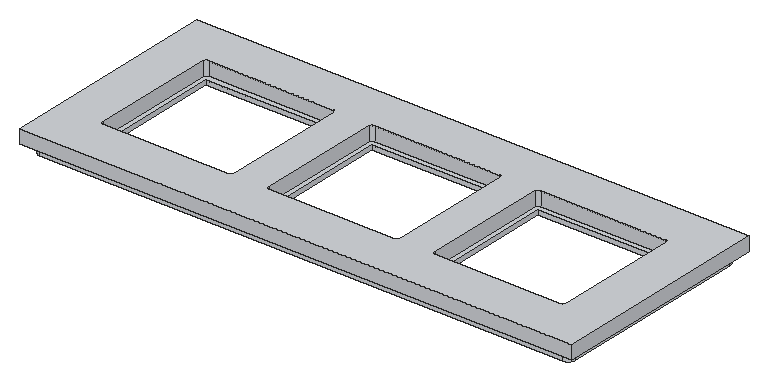
Revit family "Gira_021305", category Electrical Fixtures, host Face, Revit 2017
Family settings
  Host = Face
  Maintain Annotation Orientation = No
  Round Connector Dimension = Use Diameter
  Part Type = Normal
  Cut with Voids When Loaded = No
  Shared = No
  Room Calculation Point = No
Parameters (values of type "Abdeckrahmen 3f Gira Esprit G Schwarz")
  Werkstoffgüte = "sonstige"
  Werkstoff = "Glas"
  URL = "http://katalog.gira.de/de_DE/datenblatt.html?artikelnr=021305"
  Transparent = "No"
  Textfeld/Beschriftungsfläche = "No"
  Schutzart (IP) = "IP20"
  Region = "DE"
  Oberfläche = "sonstige"
  Name = "Abdeckrahmen 3f Gira Esprit G Schwarz"
  Montagerichtung = "horizontal und vertikal"
  Mit Montagerahmen = "No"
  Mit Klappdeckel = "No"
  Manufacturer URL = "https://www.gira.de/"
  Keynote = "Espr._Rahmen_3fach"
  HeinzeBIM = "https://bimportal.heinze.de/bim/abdeckrahmen-3f-gira-esprit-g-schwarz/0a18c7dc175415eaf22d2a9ed4c75f90a8e3a518"
  Halogenfrei = "No"
  HAN = "021305"
  Geeignet für Unterputz-Installation = "Yes"
  Geeignet für Unterflurkanaldose = "No"
  Geeignet für Geräteeinbaukanal = "No"
  Geeignet für Einbauinstallation = "No"
  GTIN = "4010337213055"
  Farbe = "schwarz"
  Default Elevation = 1219.2 mm
  Data sheet (1) = "https://katalog.gira.de/de_DE/download.html?artikelnr=021305"
  Category = "Abdeckrahmen"
  Befestigungsart = "Klemmbefestigung"
  Available = "Yes"
  Anzahl der Einheiten vertikal = "3 "
  Anzahl der Einheiten horizontal = "3 "
  Anzahl der Einheiten = "3 "
Reference planes
  plane 1 "Center (Front/Back)": y = 0
  plane 2: z = 0
  plane 3 "Center (Left/Right)": x = 0
Forms (mm)
  Extrusion 1, solid, detail levels fine
    sketch origin (0, 0, 0) x (1, 0, 0) y (0, 1, 0)
      loop
        line (-118.4, 47.5) -> (-118.4, -47.5) -> (118.4, -47.5) -> (118.4, 47.5) -> (-118.4, 47.5)
      loop
        arc (-99.5, -26.7) -> (-99.061, -27.761) -> (-98, -28.2) r 1.5
        line (-98, -28.2) -> (-44.6, -28.2)
        arc (-44.6, -28.2) -> (-43.539, -27.761) -> (-43.1, -26.7) r 1.5
        line (-43.1, -26.7) -> (-43.1, 26.7)
        arc (-43.1, 26.7) -> (-43.539, 27.761) -> (-44.6, 28.2) r 1.5
        line (-44.6, 28.2) -> (-98, 28.2)
        arc (-98, 28.2) -> (-99.061, 27.761) -> (-99.5, 26.7) r 1.5
        line (-99.5, 26.7) -> (-99.5, -26.7)
      loop
        arc (-28.2, -26.7) -> (-27.761, -27.761) -> (-26.7, -28.2) r 1.5
        line (-26.7, -28.2) -> (26.7, -28.2)
        arc (26.7, -28.2) -> (27.761, -27.761) -> (28.2, -26.7) r 1.5
        line (28.2, -26.7) -> (28.2, 26.7)
        arc (28.2, 26.7) -> (27.761, 27.761) -> (26.7, 28.2) r 1.5
        line (26.7, 28.2) -> (-26.7, 28.2)
        arc (-26.7, 28.2) -> (-27.761, 27.761) -> (-28.2, 26.7) r 1.5
        line (-28.2, 26.7) -> (-28.2, -26.7)
      loop
        arc (43.1, -26.7) -> (43.539, -27.761) -> (44.6, -28.2) r 1.5
        line (44.6, -28.2) -> (98, -28.2)
        arc (98, -28.2) -> (99.061, -27.761) -> (99.5, -26.7) r 1.5
        line (99.5, -26.7) -> (99.5, 26.7)
        arc (99.5, 26.7) -> (99.061, 27.761) -> (98, 28.2) r 1.5
        line (98, 28.2) -> (44.6, 28.2)
        arc (44.6, 28.2) -> (43.539, 27.761) -> (43.1, 26.7) r 1.5
        line (43.1, 26.7) -> (43.1, -26.7)
    from 0 to 6
  Extrusion 2, solid, detail levels fine
    sketch origin (0, 0, 0) x (1, 0, 0) y (0, 1, 0)
      loop
        line (-97.2, -25.7) -> (-45.4, -25.7) -> (-45.4, 25.7) -> (-97.2, 25.7) -> (-97.2, -25.7)
      loop
        line (97.2, 25.7) -> (45.4, 25.7) -> (45.4, -25.7) -> (97.2, -25.7) -> (97.2, 25.7)
      loop
        arc (-114.002, -41.3) -> (-113.474, -42.573) -> (-112.202, -43.1) r 1.8
        line (-112.202, -43.1) -> (112.202, -43.1)
        arc (112.202, -43.1) -> (113.474, -42.573) -> (114.002, -41.3) r 1.8
        line (114.002, -41.3) -> (114.002, 41.3)
        arc (114.002, 41.3) -> (113.474, 42.573) -> (112.202, 43.1) r 1.8
        line (112.202, 43.1) -> (-112.202, 43.1)
        arc (-112.202, 43.1) -> (-113.474, 42.573) -> (-114.002, 41.3) r 1.8
        line (-114.002, 41.3) -> (-114.002, -41.3)
      loop
        line (25.9, 25.7) -> (-25.9, 25.7) -> (-25.9, -25.7) -> (25.9, -25.7) -> (25.9, 25.7)
    from -1.9 to 0
  Extrusion 3, solid, detail levels fine
    sketch origin (0, 0, 0) x (1, 0, 0) y (0, 1, 0)
      loop
        arc (-112.3, 44.4) -> (-114.421, 43.521) -> (-115.3, 41.4) r 3
        line (-115.3, 41.4) -> (-115.3, -41.4)
        arc (-115.3, -41.4) -> (-114.421, -43.521) -> (-112.3, -44.4) r 3
        line (-112.3, -44.4) -> (112.3, -44.4)
        arc (112.3, -44.4) -> (114.421, -43.521) -> (115.3, -41.4) r 3
        line (115.3, -41.4) -> (115.3, 41.4)
        arc (115.3, 41.4) -> (114.421, 43.521) -> (112.3, 44.4) r 3
        line (112.3, 44.4) -> (-112.3, 44.4)
      loop
        arc (-114.1, -41.4) -> (-113.573, -42.673) -> (-112.3, -43.2) r 1.8
        line (-112.3, -43.2) -> (112.3, -43.2)
        arc (112.3, -43.2) -> (113.573, -42.673) -> (114.1, -41.4) r 1.8
        line (114.1, -41.4) -> (114.1, 41.4)
        arc (114.1, 41.4) -> (113.573, 42.673) -> (112.3, 43.2) r 1.8
        line (112.3, 43.2) -> (-112.3, 43.2)
        arc (-112.3, 43.2) -> (-113.573, 42.673) -> (-114.1, 41.4) r 1.8
        line (-114.1, 41.4) -> (-114.1, -41.4)
    from -3.7 to 0
  Extrusion 4, solid, detail levels medium
    sketch origin (0, 0, 0) x (1, 0, 0) y (0, 1, 0)
      loop
        line (-118.4, 47.5) -> (-118.4, -47.5) -> (118.4, -47.5) -> (118.4, 47.5) -> (-118.4, 47.5)
    from 0 to 6
  Extrusion 5, solid, detail levels medium
    sketch origin (0, 0, 0) x (1, 0, 0) y (0, 1, 0)
      loop
        line (-115.3, 44.4) -> (-115.3, -44.4) -> (115.3, -44.4) -> (115.3, 44.4) -> (-115.3, 44.4)
    from -3.7 to 0
  Extrusion 6, solid, detail levels coarse
    sketch origin (0, 0, 0) x (1, 0, 0) y (0, 1, 0)
      loop
        line (-118.4, 47.5) -> (-118.4, -47.5) -> (118.4, -47.5) -> (118.4, 47.5) -> (-118.4, 47.5)
    from -3.7 to 6
Dimensions and locks
  aligned and locked: plane 2 to host face
  aligned and locked: level to host face
